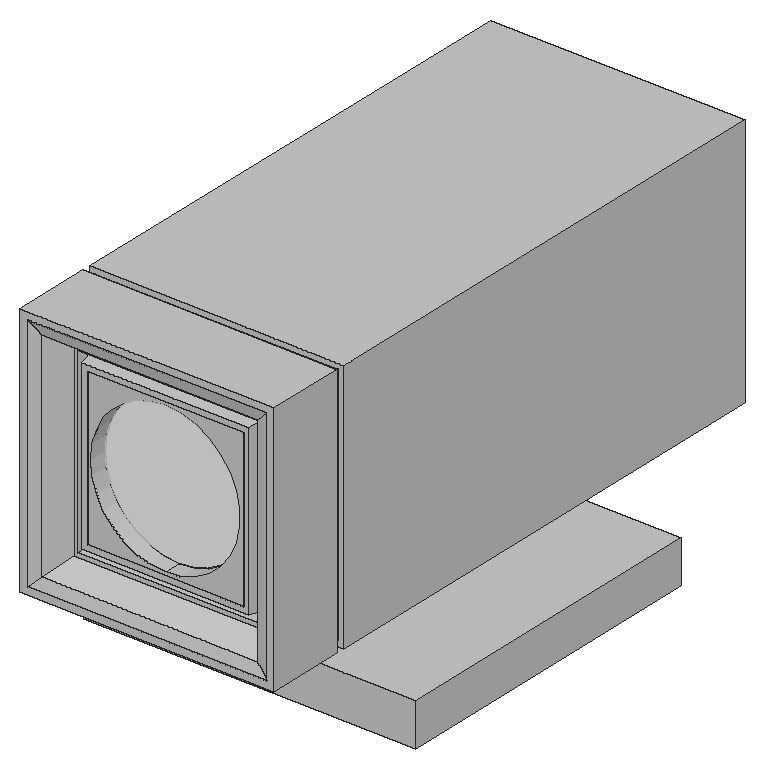
Revit family "CLighting-Luminii-Leto_44_WM_LRG", category Lighting Fixtures, host Face, Revit 2020
Family settings
  Host = Face
  Round Connector Dimension = Use Diameter
  Part Type = Normal
  OmniClass Number = 23.80.70.11.14.21
  OmniClass Title = Spots and Tracklight Specialties
  Cut with Voids When Loaded = No
  Light Source = Yes
  Shared = Yes
  Room Calculation Point = No
Parameters (values of type "Leto 44 WM LRG")
  Width = 0' - 3 189/256"  # constant formula
  Wattage Comments = "6.5W"
  Wattage = 6.49954 W
  Warranty URL = "https://www.luminii.com/terms-conditions/"
  built-in parameter 1150110 = 1 (stored number, unit not read)
  Voltage Comments = "120V | 277V | 347V"  # constant formula
  Voltage = 120 V
  Version = "2020 - v1.0a"  # constant formula
  URL = "https://www.luminii.com/"
  built-in parameter 1114217 = 1 (stored number, unit not read)
  Tilt Angle = 0.00°  # constant formula
  built-in parameter 1150109 = 1 (stored number, unit not read)
  built-in parameter 1150134 = (empty or 0)
  built-in parameter 1150113 = 1 (stored number, unit not read)
  Support Phone = "224-699-9545"  # constant formula
  Support Email = "mailto:support@bimsmith.com"
  Product Page URL = "https://www.luminii.com/product/leto-44-wm-lrg/"
  Power Source Type = "Driver"  # constant formula
  Power Factor = 1
  Photometric Web File = "719-A90-615-35-07-00.ies"
  Phase = 1
  Operating Temperature = "Consult Manufacturer Website for more Information"  # constant formula
  Number of Poles = if(and(or(Voltage = 120 V, Voltage = 277 V), Phase = 1), 1, if(and(or(Voltage = 208 V, Voltage = 240 V), Phase = 1), 2, if(and(or(Voltage = 208 V, Voltage = 240 V), Phase = 3), 3, if(and(Voltage > 300 V, Phase = 1), 2, if(and(Voltage > 400 V, Phase = 3), 3, 1)))))  # 1
  Mounting Method = "Wall Mount"  # constant formula
  Model = "719"  # constant formula
  Manufacturer Phone Number = "403-216-7043"  # constant formula
  Manufacturer Email = "mailto: info@sensolighting.com"
  Manufacturer Address = "302 50 Ave SE. Calgary, Alberta, T2G 2A9 Canada"  # constant formula
  Manufacturer = "Luminii"  # constant formula
  built-in parameter 1150105 = 55.704 (stored number, unit not read)
  Lumens = 700 lm
  Luminaire Type = "Wall Mount LED Light"  # constant formula
  built-in parameter 1150115 = 1 (stored number, unit not read)
  Load Classification = Lighting
  built-in parameter 1150137 = (empty or 0)
  built-in parameter 1150139 = (empty or 0)
  Lens Material = Plastic - Luminii - Frosted Lens
  Length [instance] = 0' - 8 169/256"  # constant formula
  built-in parameter 1150112 = 1 (stored number, unit not read)
  built-in parameter 1150114 = 1 (stored number, unit not read)
  Lamp Life = 1
  Lamp = "LED"  # constant formula
  Keynote = "26 50 00"
  built-in parameter 1150132 = 2
  built-in parameter 1150102 = (empty or 0)
  built-in parameter 1150107 = 3500 (stored number, unit not read)
  Initial Color Comments = "Perfomance based on 3500K Photometric Web File"  # constant formula
  built-in parameter 1150138 = (empty or 0)
  built-in parameter 1150106 = 0.55704 (stored number, unit not read)
  Housing Protection Rating = "Consult Manufacturer Website for more Information"  # constant formula
  Has Dimming = 1 = 1  # yes
  Has Battery Backup = 0 = 1  # no
  Frequency Comments = ""  # constant formula
  Frequency = 60 Hz
  Finish = Metal - Luminii - Silver Anodized Aluminum
  Environment = "Indoor"  # constant formula
  built-in parameter 1150104 = 10.006 (stored number, unit not read)
  Dimming Type = "Consult Manufacturer Website for more Information"  # constant formula
  Dimming Lamp Color Temperature Shift = <None>
  Description = "Square wall sconce"  # constant formula
  Depth = 0' - 3 189/256"  # constant formula
  Default Elevation = 0' - 0"  # constant formula
  Current Amps = 50 A
  Copyright = "©2023 Luminii"  # constant formula
  Control Zone = "Consult Manufacturer Website for more Information"  # constant formula
  Control Type = "Consult Manufacturer Website for more Information"  # constant formula
  Constraints = 1  # constant formula
  Color Filter = 16777215
  built-in parameter 1114216 [instance] = 0  # (empty or 0)
  built-in parameter 1140040 [instance] = 1 = 1  # 1
  CCT = "3500K"
  built-in parameter 1114218 = 1 (stored number, unit not read)
  built-in parameter 1150133 = 10 (stored number, unit not read)
  Assembly Code = "D5020230"
  Apparent Load = Wattage / Power Factor  # 6.49954 VA
Reference planes (in)
  plane 1 "Center (Front/Back)": y = 0
  plane 2: z = 0
  plane 3 "Center (Left/Right)": x = 0
  plane 4: x = 2.44094
  plane 5: x = -2.44094
  plane 6: y = 2.44094
  plane 7: y = -2.44094
  plane 8: z = 3.25
Forms (in)
  Extrusion 1, solid, material "Metal - Luminii - Silver Anodized Aluminum", not visible
    sketch origin (0, 0, 0) x (1, 0, 0) y (0, 1, 0)
      loop
        circle (0, 0) r 0.5
    from 0 to -0.17225
Dimensions and locks (in)
  equal spacing: plane 5, plane 3 "Center (Left/Right)", plane 4
  equal spacing: plane 6, plane 1 "Center (Front/Back)", plane 7
  aligned and locked: plane 2 to host face
  aligned and locked: plane 3 "Center (Left/Right)" to Extrusion 1 sketch curve
  aligned and locked: plane 1 "Center (Front/Back)" to Extrusion 1 sketch curve
  aligned and locked: plane 2 to Extrusion 1  (x2)
  aligned and locked: imposter light to plane 3 "Center (Left/Right)"
  aligned and locked: imposter light to plane 8
Automatic sketch dimensions
  host sketch curve to host sketch curve = 8' - 0"  (x2)
  radius of Extrusion 1 sketch curve = 0' - 0 1/2"
Nested families (in)
  nested 1: "Nested - Lamp" at (0, 0, 0), type "Nested - Lamp"
Connectors (in)
  electrical at (0, 0, 0), driven by "Number of Poles", driven by "Load Classification", driven by "Voltage", driven by "Apparent Load", driven by "Power Factor"
    settings: on Extrusion 1, index 1, voltage 120 V, apparent load 6.49954 VA, apparent load phase1 0 VA, apparent load phase2 0 VA, apparent load phase3 0 VA, power factor 1, load classification "Lighting", number of poles 1, system type 30, power factor state 1, is connector primary yes, connector utility no, sub classification motor no, connector description "Power Connection"
Definition of nested family "Nested - Lamp"
  Parameters (values of type "Nested - Lamp")
    Width = 0' - 5.57087"  # constant formula
    Screen Material = none
    Inner Screen = none
    Height = 0' - 6.49606"  # constant formula
    Finish = none
    Default Elevation = 4' - 0"
    Constraint = 3
  Reference planes (in)
    plane 1 "Center (Front/Back)": y = 0
    plane 2: z = 0
    plane 3 "Center (Left/Right)": x = 0
  Forms (in)
    Extrusion 1, solid
      sketch origin (0, 0, 0) x (1, 0, 0) y (0, 1, 0)
        loop
          line (-48, 48) -> (-48, -48) -> (48, -48) -> (48, 48) -> (-48, 48)
      from 0 to -12
    Sweep 2, solid, material <- "Finish", detail levels medium+fine
      path origin (-0.03362, -2.16535, 5.58071) x (0, 0, 1) y (-1, 0, 0)
        loop
          line (-0.46063, -1.9037) -> (-0.46063, 1.83645) -> (-4.20079, 1.83645) -> (-4.20079, -1.9037) -> (-0.46063, -1.9037)
      profile origin (1.87008, -2.16535, 3.25) x (0, -1, 0) y (1, 0, 0)
        loop
          line (-6.49606, 0) -> (-6.49606, -0.07874) -> (-6.29921, -0.07874) -> (-6.29921, -0.21654) -> (1.03136, -0.21654) -> (1.03136, -0.72029) -> (1.82677, -0.72029) -> (1.82677, -0.63719) -> (1.56496, -0.60039)
          arc (1.56496, -0.60039) -> (1.54128, -0.57657) -> (1.56046, -0.54899) r 0.02623
          line (1.56046, -0.54899) -> (1.77165, -0.53051) -> (1.77165, -0.47327) -> (2.11411, -0.27656) -> (2.16535, -0.10635) -> (2.16535, 0) -> (1.00394, 0) -> (1.00394, -0.07874) -> (0.88583, -0.07874) -> (0.88583, 0) -> (-6.49606, 0)
    Extrusion 3, solid, material <- "Screen Material"
      sketch origin (0, -4.36153, 4.33071) x (1, 0, 0) y (0, 0, 1)
        loop
          circle (0, -1.08071) r 1.10236
      from -0.63122 to -0.62137
    Extrusion 4, solid, material <- "Finish"
      sketch origin (1.59205, -3.47441, 5.92276) x (0, 0, -1) y (1, 0, 0)
        loop
          line (3.82255, -0.44226) -> (1.52297, -0.44226) -> (1.52297, -2.74184) -> (3.82255, -2.74184) -> (3.82255, -0.44226)
        loop
          circle (2.67276, -1.59205) r 1.10236
      from -0.12232 to 0.51772
    Extrusion 5, solid, material <- "Finish"
      sketch origin (1.59205, -4.98948, 5.92276) x (0, 0, -1) y (1, 0, 0)
        loop
          circle (2.67276, -1.59205) r 1.10236
      from -1.25917 to -1.79277
    Extrusion 6, solid, material <- "Finish", detail levels medium+fine
      sketch origin (-0.03362, -1.54973, 5.11766) x (0, 0, 1) y (-1, 0, 0)
        loop
          line (-0.07632, -1.82496) -> (-0.07632, 1.75771) -> (-3.659, 1.75771) -> (-3.659, -1.82496) -> (-0.07632, -1.82496)
        loop
          line (-1.27711, -0.30922) -> (-0.68656, -0.30922)
          arc (-0.68656, -0.30922) -> (-0.41097, -0.03362) -> (-0.68656, 0.24197) r 0.27559
          line (-0.68656, 0.24197) -> (-1.27711, 0.24197)
          arc (-1.27711, 0.24197) -> (-1.49982, 0.33422) -> (-1.59207, 0.55693) r 0.31496
          line (-1.59207, 0.55693) -> (-1.59207, 1.14748)
          arc (-1.59207, 1.14748) -> (-1.86766, 1.42307) -> (-2.14325, 1.14748) r 0.27559
          line (-2.14325, 1.14748) -> (-2.14325, 0.55693)
          arc (-2.14325, 0.55693) -> (-2.2355, 0.33422) -> (-2.45821, 0.24197) r 0.31496
          line (-2.45821, 0.24197) -> (-3.04876, 0.24197)
          arc (-3.04876, 0.24197) -> (-3.32435, -0.03362) -> (-3.04876, -0.30922) r 0.27559
          line (-3.04876, -0.30922) -> (-2.45821, -0.30922)
          arc (-2.45821, -0.30922) -> (-2.2355, -0.40147) -> (-2.14325, -0.62418) r 0.31496
          line (-2.14325, -0.62418) -> (-2.14325, -1.21473)
          arc (-2.14325, -1.21473) -> (-1.86766, -1.49032) -> (-1.59207, -1.21473) r 0.27559
          line (-1.59207, -1.21473) -> (-1.59207, -0.62418)
          arc (-1.59207, -0.62418) -> (-1.49982, -0.40147) -> (-1.27711, -0.30922) r 0.31496
      from -5.75828 to -5.68358
    Extrusion 7, solid, material <- "Finish", detail levels medium+fine
      sketch origin (-0.03362, -1.51036, 5.11766) x (0, 0, 1) y (-1, 0, 0)
        loop
          line (-0.07632, -1.82496) -> (-0.07632, 1.75771) -> (-3.659, 1.75771) -> (-3.659, -1.82496) -> (-0.07632, -1.82496)
        loop
          circle (-1.86766, -0.03362) r 0.87104
        loop
          circle (-1.86766, -0.03362) r 0.71409
      from -5.36862 to -5.30882
    Sweep 8, solid, material <- "Finish", detail levels coarse
      path origin (-0.03362, -2.16535, 5.58071) x (0, 0, 1) y (-1, 0, 0)
        loop
          line (-0.46063, -1.9037) -> (-0.46063, 1.83645) -> (-4.20079, 1.83645) -> (-4.20079, -1.9037) -> (-0.46063, -1.9037)
      profile origin (1.87008, -2.16535, 3.25) x (0, -1, 0) y (1, 0, 0)
        loop
          line (-6.49606, 0) -> (-6.49606, -0.07874) -> (-6.29921, -0.07874) -> (-6.29921, -0.21654) -> (1.24789, -0.21654) -> (1.24789, -0.72029) -> (1.82677, -0.72029) -> (1.82677, -0.44161) -> (2.11411, -0.27656) -> (2.16535, -0.10635) -> (2.16535, 0) -> (-6.49606, 0)
    Extrusion 9, solid, material <- "Finish"
      sketch origin (-0.03362, 1.25, 6.49606) x (0, 1, 0) y (-1, 0, 0)
        loop
          line (1.19094, 2.40732) -> (-3.69094, 2.40732) -> (-3.69094, -2.47457) -> (1.19094, -2.47457) -> (1.19094, 2.40732)
      from -6.49606 to -5.86614
    Extrusion 10, solid, material <- "Finish"
      sketch origin (-0.03362, 1.25, 6.49606) x (0, 1, 0) y (-1, 0, 0)
        loop
          line (-0.38386, -0.89977) -> (-0.38386, 0.83252) -> (-2.11614, 0.83252) -> (-2.11614, -0.89977) -> (-0.38386, -0.89977)
      from -5.11614 to -5.86614
    Extrusion 11, solid, material <- "Finish", detail levels coarse
      sketch origin (-0.03362, -1.54973, 5.11766) x (0, 0, 1) y (-1, 0, 0)
        loop
          line (-0.07632, -1.82496) -> (-0.07632, 1.75771) -> (-3.659, 1.75771) -> (-3.659, -1.82496) -> (-0.07632, -1.82496)
      from -5.75828 to -5.68358
  Dimensions and locks (in)
    aligned and locked: plane 2 to Extrusion 1
    aligned and locked: level to Extrusion 1
